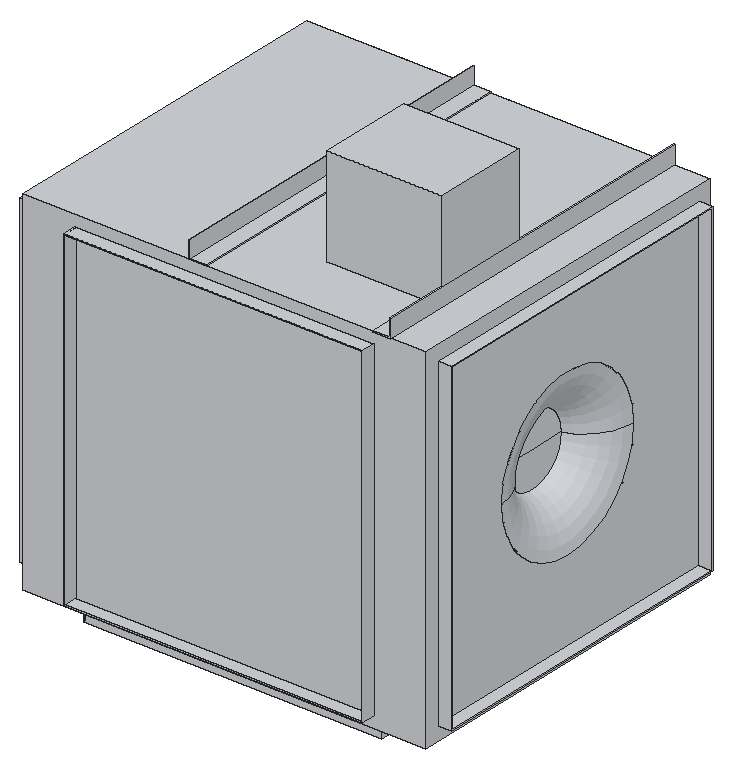
Revit family "SQN-D-SIDE", category Mechanical Equipment, Revit 2016
Family settings
  Part Type = Normal
  Round Connector Dimension = Use Diameter
  Work Plane-Based = No
  Always vertical = Yes
  Cut with Voids When Loaded = No
  Shared = No
  Room Calculation Point = No
Parameters (values of type "365_SQN-D-SIDE-VF2")
  ZERO = 0' - 0"
  Voltage [instance] = 0 V
  Unit Weight [instance] = ""
  URL = "www.lorencook.com"
  Type Comments = ""
  T_SQ_HALF = T_SQ / 2  # 0' - 6"
  T_SQ = 1' - 0"
  TENTH_B = -B_SUB / 10  # -0' - 5.68125"
  TENTHB+FOURTHB = TENTH_B - FOURTH_B  # -1' - 7.88437"
  Static Pressure [instance] = 0.00 in-wg
  Sones [instance] = ""
  SHAFT_RAD = E_SUB / 12  # 0' - 1.22917"
  RAIL_SPACING = B_SUB / 2  # 2' - 4 13/32"
  Power [instance] = Voltage * Motor FLA * sqrt(if(Phase = 3, 3, 1))  # 0 VA
  Phase [instance] = 0
  PM [instance] = yes
  Number of Poles [instance] = 1
  NEG_HALF_D = -HALF_D_SUB  # -2' - 1"
  NEG_HALF2H+D = -(FLANGE + FLANGE + D_SUB) / 2  # -2' - 3"
  NEGHALFC-B = -(C_SUB - B_SUB) / 2  # -0' - 2"
  Motor RPM [instance] = ""
  Motor Hp [instance] = "0"
  Motor FLA [instance] = 0 A
  Motor Enclosure [instance] = ""
  ModelID [instance] = "Centrifugal Square Inline Side Discharge Direct Drive Preprogrammed EC Electronically Commutated Vari-Flow Motor"
  Model = "SQN-D-VF2"
  Manufacturer = "Loren Cook Company"
  MOTOR_DEPTH = -RAIL_SPACING + 0' 0 1/4" - 0' 3"  # -2' - 7 5/32"
  MCC_WIDTH = 1' - 1 1/2"  # constant formula
  MCC_LOC = if((D_SUB - MCC_WIDTH) / 4 < 0' 0", 0' 0", (D_SUB - MCC_WIDTH) / 4)  # 0' - 9 1/8"
  MCC_HEIGHT = 1' - 2"  # constant formula
  MCC_DEPTH_LOC = if((RAIL_SPACING - MCC_DEPTH) / 2 + D_SUB_TENTH < 0' 1", 0' 1", D_SUB_TENTH)  # 0' - 5"
  MCC_DEPTH = 1' - 4 1/4"  # constant formula
  LwA [instance] = ""
  IN_TENTH = INLET_RADIUS - D_SUB_TENTH  # 0' - 7 1/2"
  IN_RAD-D_SUB_TENTH = INLET_RADIUS - D_SUB_TENTH  # 0' - 7 1/2"
  INLET_RADIUS = HALF_D_SUB / 2  # 1' - 0 1/2"
  HALF_MP = (-TENTH_B + FOURTH_B) / 2  # 0' - 9.94219"
  HALF_G = 0' - 11 101/256"
  HALF_F = 0' - 11 1/32"
  HALF_D_SUB_MIN_.25 = D_SUB_MINUS_.25 / 2  # 2' - 0 7/8"
  HALF_D_SUB = D_SUB / 2  # 2' - 1"
  HALF_D-F = (D_SUB - F_SUB) / 2  # 0' - 1 1/2"
  HALF_D-A = (D_SUB - A_SUB) / 2  # 0' - 2"
  HALF_D = D_SUB / 2  # 2' - 1"
  HALF_B-G = (B_SUB - G_SUB) / 2  # 0' - 7 3/8"
  HALF_B = B_SUB / 2  # 2' - 4 13/32"
  HALF_2H+D = (FLANGE + FLANGE + D_SUB) / 2  # 2' - 3"
  HALFC-B = (C_SUB - B_SUB) / 2  # 0' - 2"
  G_SUB = 3' - 6 1/16"
  Fan RPM [instance] = ""
  F_SUB = 3' - 11"
  FOURTH_B = B_SUB / 4  # 1' - 2 13/64"
  FLANGE = 0' - 2"
  E_SUB_DIRECT = 4' - 4 1/2"
  E_SUB = 1' - 2 3/4"
  D_PLUS_2 = D_SUB + 0' 2"  # 4' - 4"
  D_SUB_TENTH = D_SUB / 10  # 0' - 5"
  D_SUB_MINUS_.25 = D_SUB - 0' 0 1/4"  # 4' - 1 3/4"
  D_SUB = 4' - 2"
  DEPTH = B_SUB  # 4' - 8 13/16"
  C_SUB = 5' - 0 13/16"
  CFM [instance] = 0 CFM
  Brake Hp [instance] = ""
  B_SUB_MIN_.125 = B_SUB - 0' 0 1/8"  # 4' - 8 11/16"
  B_SUB = 4' - 8 13/16"
  Accessories [instance] = ""
  A_SUB = 3' - 10"
  1.5 = 0' - 1 1/2"  # constant formula
  ONE EIGTH = 0' - 0 1/8"  # constant formula
Types (47): name | Type Comments | TENTH_B | TENTHB+FOURTHB | SHAFT_RAD | RAIL_SPACING | PM | NEG_HALF_D | NEG_HALF2H+D | NEGHALFC-B | ModelID | Model | MOTOR_DEPTH | MCC_LOC | MCC_DEPTH_LOC | IN_TENTH | IN_RAD-D_SUB_TENTH | INLET_RADIUS | HALF_MP | HALF_D_SUB_MIN_.25 | HALF_D_SUB | HALF_D-F | HALF_D-A | HALF_D | HALF_B-G | HALF_B | HALF_2H+D | HALFC-B | G_SUB | F_SUB | FOURTH_B | FLANGE | E_SUB_DIRECT | E_SUB | D_PLUS_2 | D_SUB_TENTH | D_SUB_MINUS_.25 | D_SUB | DEPTH | C_SUB | B_SUB_MIN_.125 | B_SUB | A_SUB
  (no name) | "" | -0' - 5.68125" | -1' - 7.88437" | 0' - 1.22917" | 2' - 4 13/32" | yes | -2' - 1" | -2' - 3" | -0' - 2" | "Centrifugal Square Inline Side Discharge Direct Drive Preprogrammed EC Electronically Commutated Vari-Flow Motor" | "SQN-D-VF2" | -2' - 7 5/32" | 0' - 9 1/8" | 0' - 5" | 0' - 7 1/2" | 0' - 7 1/2" | 1' - 0 1/2" | 0' - 9.94219" | 2' - 0 7/8" | 2' - 1" | 0' - 1 1/2" | 0' - 2" | 2' - 1" | 0' - 7 3/8" | 2' - 4 13/32" | 2' - 3" | 0' - 2" | 3' - 6 1/16" | 3' - 11" | 1' - 2 13/64" | 0' - 2" | 4' - 4 1/2" | 1' - 2 3/4" | 4' - 4" | 0' - 5" | 4' - 1 3/4" | 4' - 2" | 4' - 8 13/16" | 5' - 0 13/16" | 4' - 8 11/16" | 4' - 8 13/16" | 3' - 10"
  70_SQN-D-SIDE | "Centrifugal Square Inline Side Discharge Direct Drive" | -0' - 1.2" | -0' - 4.2" | 0' - 1.04167" | 0' - 6" | no | -0' - 6" | -0' - 7" | -0' - 1" | "" | "SQN-D" | -0' - 8 3/4" | 0' - 0" | 0' - 1" | 0' - 1.8" | 0' - 1.8" | 0' - 3" | 0' - 2.1" | 0' - 5 7/8" | 0' - 6" | 0' - 2 17/32" | 0' - 1" | 0' - 6" | 0' - 2 15/16" | 0' - 6" | 0' - 7" | 0' - 1" | 0' - 6 1/8" | 0' - 6 15/16" | 0' - 3" | 0' - 1" | 1' - 1 9/16" | 1' - 0 1/2" | 1' - 2" | 0' - 1.2" | 0' - 11 3/4" | 1' - 0" | 1' - 0" | 1' - 2" | 0' - 11 7/8" | 1' - 0" | 0' - 10"
  90_SQN-D-SIDE | "Centrifugal Square Inline Side Discharge Direct Drive" | -0' - 1 1/2" | -0' - 5 1/4" | 0' - 1.04167" | 0' - 7 1/2" | no | -0' - 7" | -0' - 8" | -0' - 1" | "" | "SQN-D" | -0' - 10 1/4" | 0' - 0 1/8" | 0' - 1" | 0' - 2.1" | 0' - 2.1" | 0' - 3 1/2" | 0' - 2 5/8" | 0' - 6 7/8" | 0' - 7" | 0' - 2 17/32" | 0' - 1" | 0' - 7" | 0' - 2 15/16" | 0' - 7 1/2" | 0' - 8" | 0' - 1" | 0' - 9 1/8" | 0' - 8 15/16" | 0' - 3 3/4" | 0' - 1" | 1' - 3 9/16" | 1' - 0 1/2" | 1' - 4" | 0' - 1.4" | 1' - 1 3/4" | 1' - 2" | 1' - 3" | 1' - 5" | 1' - 2 7/8" | 1' - 3" | 1' - 0"
  100_SQN-D-SIDE | "Centrifugal Square Inline Side Discharge Direct Drive" | -0' - 2" | -0' - 7" | 0' - 1.04167" | 0' - 10" | no | -0' - 7" | -0' - 8" | -0' - 1" | "" | "SQN-D" | -1' - 0 3/4" | 0' - 0 1/8" | 0' - 1" | 0' - 2.1" | 0' - 2.1" | 0' - 3 1/2" | 0' - 3 1/2" | 0' - 6 7/8" | 0' - 7" | 0' - 2 17/32" | 0' - 1" | 0' - 7" | 0' - 2 15/16" | 0' - 10" | 0' - 8" | 0' - 1" | 1' - 2 1/8" | 0' - 8 15/16" | 0' - 5" | 0' - 1" | 1' - 3 9/16" | 1' - 0 1/2" | 1' - 4" | 0' - 1.4" | 1' - 1 3/4" | 1' - 2" | 1' - 8" | 1' - 10" | 1' - 7 7/8" | 1' - 8" | 1' - 0"
  120_SQN-D-SIDE | "Centrifugal Square Inline Side Discharge Direct Drive" | -0' - 2" | -0' - 7" | 0' - 1.04167" | 0' - 10" | no | -0' - 9 7/32" | -0' - 10 7/32" | -0' - 1" | "" | "SQN-D" | -1' - 0 3/4" | 0' - 1 15/64" | 0' - 1" | 0' - 2 49/64" | 0' - 2 49/64" | 0' - 4 39/64" | 0' - 3 1/2" | 0' - 9 3/32" | 0' - 9 7/32" | 0' - 2 15/16" | 0' - 1 7/32" | 0' - 9 7/32" | 0' - 2 15/16" | 0' - 10" | 0' - 10 7/32" | 0' - 1" | 1' - 2 1/8" | 1' - 0 9/16" | 0' - 5" | 0' - 1" | 1' - 8" | 1' - 0 1/2" | 1' - 8 7/16" | 0' - 1 27/32" | 1' - 6 3/16" | 1' - 6 7/16" | 1' - 8" | 1' - 10" | 1' - 7 7/8" | 1' - 8" | 1' - 4"
  135_SQN-D-SIDE | "Centrifugal Square Inline Side Discharge Direct Drive" | -0' - 2.025" | -0' - 7.0875" | 0' - 1.04167" | 0' - 10 1/8" | no | -0' - 10 3/8" | -0' - 11 3/8" | -0' - 1" | "" | "SQN-D" | -1' - 0 7/8" | 0' - 1 13/16" | 0' - 1" | 0' - 3.1125" | 0' - 3.1125" | 0' - 5 3/16" | 0' - 3.54375" | 0' - 10 1/4" | 0' - 10 3/8" | 0' - 3 13/16" | 0' - 1 3/8" | 0' - 10 3/8" | 0' - 3" | 0' - 10 1/8" | 0' - 11 3/8" | 0' - 1" | 1' - 2 1/4" | 1' - 1 1/8" | 0' - 5 1/16" | 0' - 1" | 1' - 10 5/16" | 1' - 0 1/2" | 1' - 10 3/4" | 0' - 2.075" | 1' - 8 1/2" | 1' - 8 3/4" | 1' - 8 1/4" | 1' - 10 1/4" | 1' - 8 1/8" | 1' - 8 1/4" | 1' - 6"
  150_SQN-D-SIDE | "Centrifugal Square Inline Side Discharge Direct Drive" | -0' - 2 3/16" | -0' - 7 21/32" | 0' - 1 1/16" | 0' - 10 15/16" | no | -0' - 11 1/2" | -1' - 0 1/2" | -0' - 1" | "" | "SQN-D" | -1' - 1 11/16" | 0' - 2 3/8" | 0' - 1" | 0' - 3.45" | 0' - 3.45" | 0' - 5 3/4" | 0' - 3 53/64" | 0' - 11 3/8" | 0' - 11 1/2" | 0' - 3 7/16" | 0' - 1 1/2" | 0' - 11 1/2" | 0' - 2 31/32" | 0' - 10 15/16" | 1' - 0 1/2" | 0' - 1" | 1' - 3 15/16" | 1' - 4 1/8" | 0' - 5 15/32" | 0' - 1" | 2' - 1 1/16" | 1' - 0 3/4" | 2' - 1" | 0' - 2.3" | 1' - 10 3/4" | 1' - 11" | 1' - 9 7/8" | 1' - 11 7/8" | 1' - 9 3/4" | 1' - 9 7/8" | 1' - 8"
  165_SQN-D-SIDE | "Centrifugal Square Inline Side Discharge Direct Drive" | -0' - 2 1/2" | -0' - 8 3/4" | 0' - 1.22917" | 1' - 0 1/2" | no | -1' - 0 21/32" | -1' - 1 21/32" | -0' - 1" | "" | "SQN-D" | -1' - 3 1/4" | 0' - 2 61/64" | 0' - 1" | 0' - 3 51/64" | 0' - 3 51/64" | 0' - 6 21/64" | 0' - 4 3/8" | 1' - 0 17/32" | 1' - 0 21/32" | 0' - 3 19/32" | 0' - 1 21/32" | 1' - 0 21/32" | 0' - 2 15/16" | 1' - 0 1/2" | 1' - 1 21/32" | 0' - 1" | 1' - 7 1/8" | 1' - 6 1/8" | 0' - 6 1/4" | 0' - 1" | 2' - 3 3/8" | 1' - 2 3/4" | 2' - 3 5/16" | 0' - 2 17/32" | 2' - 1 1/16" | 2' - 1 5/16" | 2' - 1" | 2' - 3" | 2' - 0 7/8" | 2' - 1" | 1' - 10"
  365_SQN-D-SIDE | "Centrifugal Square Inline Side Discharge Direct Drive" | -0' - 5.68125" | -1' - 7.88437" | 0' - 1.22917" | 2' - 4 13/32" | no | -2' - 1" | -2' - 3" | -0' - 2" | "" | "SQN-D" | -2' - 7 5/32" | 0' - 9 1/8" | 0' - 5" | 0' - 7 1/2" | 0' - 7 1/2" | 1' - 0 1/2" | 0' - 9.94219" | 2' - 0 7/8" | 2' - 1" | 0' - 1 1/2" | 0' - 2" | 2' - 1" | 0' - 7 3/8" | 2' - 4 13/32" | 2' - 3" | 0' - 2" | 3' - 6 1/16" | 3' - 11" | 1' - 2 13/64" | 0' - 2" | 4' - 4 1/2" | 1' - 2 3/4" | 4' - 4" | 0' - 5" | 4' - 1 3/4" | 4' - 2" | 4' - 8 13/16" | 5' - 0 13/16" | 4' - 8 11/16" | 4' - 8 13/16" | 3' - 10"
  330_SQN-D-SIDE | "Centrifugal Square Inline Side Discharge Direct Drive" | -0' - 5.1" | -1' - 5.85" | 0' - 1.22917" | 2' - 1 1/2" | no | -2' - 0 7/32" | -2' - 2 7/32" | -0' - 2" | "" | "SQN-D" | -2' - 4 1/4" | 0' - 8 47/64" | 0' - 4 27/32" | 0' - 7 17/64" | 0' - 7 17/64" | 1' - 0 7/64" | 0' - 8.925" | 2' - 0 3/32" | 2' - 0 7/32" | 0' - 3 11/16" | 0' - 2 7/32" | 2' - 0 7/32" | 0' - 5 7/16" | 2' - 1 1/2" | 2' - 2 7/32" | 0' - 2" | 3' - 4 1/8" | 3' - 5 1/16" | 1' - 0 3/4" | 0' - 2" | 4' - 2 15/16" | 1' - 2 3/4" | 4' - 2 7/16" | 0' - 4 27/32" | 4' - 0 3/16" | 4' - 0 7/16" | 4' - 3" | 4' - 7" | 4' - 2 7/8" | 4' - 3" | 3' - 8"
  300_SQN-D-SIDE | "Centrifugal Square Inline Side Discharge Direct Drive" | -0' - 4.6" | -1' - 4.1" | 0' - 1.22917" | 1' - 11" | no | -1' - 10" | -2' - 0" | -0' - 2" | "" | "SQN-D" | -2' - 1 3/4" | 0' - 7 5/8" | 0' - 4.4" | 0' - 6.6" | 0' - 6.6" | 0' - 11" | 0' - 8.05" | 1' - 9 7/8" | 1' - 10" | 0' - 2 15/16" | 0' - 2" | 1' - 10" | 0' - 4 15/16" | 1' - 11" | 2' - 0" | 0' - 2" | 3' - 0 1/8" | 3' - 2 1/8" | 0' - 11 1/2" | 0' - 2" | 3' - 10 1/2" | 1' - 2 3/4" | 3' - 10" | 0' - 4.4" | 3' - 7 3/4" | 3' - 8" | 3' - 10" | 4' - 2" | 3' - 9 7/8" | 3' - 10" | 3' - 4"
  270_SQN-D-SIDE | "Centrifugal Square Inline Side Discharge Direct Drive" | -0' - 4.1" | -1' - 2.35" | 0' - 1.22917" | 1' - 8 1/2" | no | -1' - 7 27/32" | -1' - 9 27/32" | -0' - 2" | "" | "SQN-D" | -1' - 11 1/4" | 0' - 6 35/64" | 0' - 3 31/32" | 0' - 5 61/64" | 0' - 5 61/64" | 0' - 9 59/64" | 0' - 7.175" | 1' - 7 23/32" | 1' - 7 27/32" | 0' - 3 1/4" | 0' - 1 21/32" | 1' - 7 27/32" | 0' - 4 1/4" | 1' - 8 1/2" | 1' - 9 27/32" | 0' - 2" | 2' - 8 1/2" | 2' - 9 3/16" | 0' - 10 1/4" | 0' - 2" | 3' - 6 3/16" | 1' - 2 3/4" | 3' - 5 11/16" | 0' - 3 31/32" | 3' - 3 7/16" | 3' - 3 11/16" | 3' - 5" | 3' - 9" | 3' - 4 7/8" | 3' - 5" | 3' - 0 3/8"
  245_SQN-D-SIDE | "Centrifugal Square Inline Side Discharge Direct Drive" | -0' - 3.66875" | -1' - 0.84062" | 0' - 1.22917" | 1' - 6 11/32" | no | -1' - 6" | -1' - 8" | -0' - 2 1/16" | "" | "SQN-D" | -1' - 9 3/32" | 0' - 5 5/8" | 0' - 3.6" | 0' - 5.4" | 0' - 5.4" | 0' - 9" | 0' - 6.42031" | 1' - 5 7/8" | 1' - 6" | 0' - 3 9/16" | 0' - 1 1/2" | 1' - 6" | 0' - 3 25/32" | 1' - 6 11/32" | 1' - 8" | 0' - 2 1/16" | 2' - 5 1/8" | 2' - 4 7/8" | 0' - 9 11/64" | 0' - 2" | 3' - 2 1/2" | 1' - 2 3/4" | 3' - 2" | 0' - 3.6" | 2' - 11 3/4" | 3' - 0" | 3' - 0 11/16" | 3' - 4 13/16" | 3' - 0 9/16" | 3' - 0 11/16" | 2' - 9"
  225_SQN-D-SIDE | "Centrifugal Square Inline Side Discharge Direct Drive" | -0' - 3.425" | -0' - 11.9875" | 0' - 1.22917" | 1' - 5 1/8" | no | -1' - 4 3/4" | -1' - 6 3/4" | -0' - 1 1/2" | "" | "SQN-D" | -1' - 7 7/8" | 0' - 5" | 0' - 3.35" | 0' - 5.025" | 0' - 5.025" | 0' - 8 3/8" | 0' - 5.99375" | 1' - 4 5/8" | 1' - 4 3/4" | 0' - 3 3/8" | 0' - 1 3/4" | 1' - 4 3/4" | 0' - 4 1/16" | 1' - 5 1/8" | 1' - 6 3/4" | 0' - 1 1/2" | 2' - 2 1/8" | 2' - 2 3/4" | 0' - 8 9/16" | 0' - 2" | 3' - 0" | 1' - 2 3/4" | 2' - 11 1/2" | 0' - 3.35" | 2' - 9 1/4" | 2' - 9 1/2" | 2' - 10 1/4" | 3' - 1 1/4" | 2' - 10 1/8" | 2' - 10 1/4" | 2' - 6"
  210_SQN-D-SIDE | "Centrifugal Square Inline Side Discharge Direct Drive" | -0' - 3.2" | -0' - 11.2" | 0' - 1.22917" | 1' - 4" | no | -1' - 3 5/8" | -1' - 5 5/8" | -0' - 1 1/2" | "" | "SQN-D" | -1' - 6 3/4" | 0' - 4 7/16" | 0' - 3 1/8" | 0' - 4 11/16" | 0' - 4 11/16" | 0' - 7 13/16" | 0' - 5.6" | 1' - 3 1/2" | 1' - 3 5/8" | 0' - 3 3/8" | 0' - 1 5/8" | 1' - 3 5/8" | 0' - 3 15/16" | 1' - 4" | 1' - 5 5/8" | 0' - 1 1/2" | 2' - 0 1/8" | 2' - 0 1/2" | 0' - 8" | 0' - 2" | 2' - 9 3/4" | 1' - 2 3/4" | 2' - 9 1/4" | 0' - 3 1/8" | 2' - 7" | 2' - 7 1/4" | 2' - 8" | 2' - 11" | 2' - 7 7/8" | 2' - 8" | 2' - 4"
  195_SQN-D-SIDE | "Centrifugal Square Inline Side Discharge Direct Drive" | -0' - 3.025" | -0' - 10.5875" | 0' - 1.22917" | 1' - 3 1/8" | no | -1' - 2 31/32" | -1' - 3 31/32" | -0' - 1" | "" | "SQN-D" | -1' - 5 7/8" | 0' - 4 7/64" | 0' - 2.99375" | 0' - 4.49062" | 0' - 4.49062" | 0' - 7 31/64" | 0' - 5.29375" | 1' - 2 27/32" | 1' - 2 31/32" | 0' - 3 11/32" | 0' - 1 31/32" | 1' - 2 31/32" | 0' - 4 1/16" | 1' - 3 1/8" | 1' - 3 31/32" | 0' - 1" | 1' - 10 1/8" | 1' - 11 1/4" | 0' - 7 9/16" | 0' - 1" | 2' - 8 7/16" | 1' - 2 3/4" | 2' - 7 15/16" | 0' - 2.99375" | 2' - 5 11/16" | 2' - 5 15/16" | 2' - 6 1/4" | 2' - 8 1/4" | 2' - 6 1/8" | 2' - 6 1/4" | 2' - 2"
  180_SQN-D-SIDE | "Centrifugal Square Inline Side Discharge Direct Drive" | -0' - 2.8" | -0' - 9.8" | 0' - 1.22917" | 1' - 2" | no | -1' - 1 13/16" | -1' - 2 13/16" | -0' - 1" | "" | "SQN-D" | -1' - 4 3/4" | 0' - 3 17/32" | 0' - 2.7625" | 0' - 4.14375" | 0' - 4.14375" | 0' - 6 29/32" | 0' - 4.9" | 1' - 1 11/16" | 1' - 1 13/16" | 0' - 3 5/16" | 0' - 1 13/16" | 1' - 1 13/16" | 0' - 3 15/16" | 1' - 2" | 1' - 2 13/16" | 0' - 1" | 1' - 8 1/8" | 1' - 9" | 0' - 7" | 0' - 1" | 2' - 6 1/8" | 1' - 2 3/4" | 2' - 5 5/8" | 0' - 2.7625" | 2' - 3 3/8" | 2' - 3 5/8" | 2' - 4" | 2' - 6" | 2' - 3 7/8" | 2' - 4" | 2' - 0"
  70_SQN-D-SIDE-VF | "Centrifugal Square Inline Side Discharge Direct Drive Preprogrammed EC Electronically Commutated Vari-Flow Motor" | -0' - 1.2" | -0' - 4.2" | 0' - 1.04167" | 0' - 6" | no | -0' - 6" | -0' - 7" | -0' - 1" | "" | "SQN-D-VF" | -0' - 8 3/4" | 0' - 0" | 0' - 1" | 0' - 1.8" | 0' - 1.8" | 0' - 3" | 0' - 2.1" | 0' - 5 7/8" | 0' - 6" | 0' - 2 17/32" | 0' - 1" | 0' - 6" | 0' - 2 15/16" | 0' - 6" | 0' - 7" | 0' - 1" | 0' - 6 1/8" | 0' - 6 15/16" | 0' - 3" | 0' - 1" | 1' - 1 9/16" | 1' - 0 1/2" | 1' - 2" | 0' - 1.2" | 0' - 11 3/4" | 1' - 0" | 1' - 0" | 1' - 2" | 0' - 11 7/8" | 1' - 0" | 0' - 10"
  90_SQN-D-SIDE-VF | "Centrifugal Square Inline Side Discharge Direct Drive Preprogrammed EC Electronically Commutated Vari-Flow Motor" | -0' - 1 1/2" | -0' - 5 1/4" | 0' - 1.04167" | 0' - 7 1/2" | no | -0' - 7" | -0' - 8" | -0' - 1" | "" | "SQN-D-VF" | -0' - 10 1/4" | 0' - 0 1/8" | 0' - 1" | 0' - 2.1" | 0' - 2.1" | 0' - 3 1/2" | 0' - 2 5/8" | 0' - 6 7/8" | 0' - 7" | 0' - 2 17/32" | 0' - 1" | 0' - 7" | 0' - 2 15/16" | 0' - 7 1/2" | 0' - 8" | 0' - 1" | 0' - 9 1/8" | 0' - 8 15/16" | 0' - 3 3/4" | 0' - 1" | 1' - 3 9/16" | 1' - 0 1/2" | 1' - 4" | 0' - 1.4" | 1' - 1 3/4" | 1' - 2" | 1' - 3" | 1' - 5" | 1' - 2 7/8" | 1' - 3" | 1' - 0"
  100_SQN-D-SIDE-VF | "Centrifugal Square Inline Side Discharge Direct Drive Preprogrammed EC Electronically Commutated Vari-Flow Motor" | -0' - 2" | -0' - 7" | 0' - 1.04167" | 0' - 10" | no | -0' - 7" | -0' - 8" | -0' - 1" | "" | "SQN-D-VF" | -1' - 0 3/4" | 0' - 0 1/8" | 0' - 1" | 0' - 2.1" | 0' - 2.1" | 0' - 3 1/2" | 0' - 3 1/2" | 0' - 6 7/8" | 0' - 7" | 0' - 2 17/32" | 0' - 1" | 0' - 7" | 0' - 2 15/16" | 0' - 10" | 0' - 8" | 0' - 1" | 1' - 2 1/8" | 0' - 8 15/16" | 0' - 5" | 0' - 1" | 1' - 3 9/16" | 1' - 0 1/2" | 1' - 4" | 0' - 1.4" | 1' - 1 3/4" | 1' - 2" | 1' - 8" | 1' - 10" | 1' - 7 7/8" | 1' - 8" | 1' - 0"
  120_SQN-D-SIDE-VF | "Centrifugal Square Inline Side Discharge Direct Drive Preprogrammed EC Electronically Commutated Vari-Flow Motor" | -0' - 2" | -0' - 7" | 0' - 1.04167" | 0' - 10" | no | -0' - 9 7/32" | -0' - 10 7/32" | -0' - 1" | "" | "SQN-D-VF" | -1' - 0 3/4" | 0' - 1 15/64" | 0' - 1" | 0' - 2 49/64" | 0' - 2 49/64" | 0' - 4 39/64" | 0' - 3 1/2" | 0' - 9 3/32" | 0' - 9 7/32" | 0' - 2 15/16" | 0' - 1 7/32" | 0' - 9 7/32" | 0' - 2 15/16" | 0' - 10" | 0' - 10 7/32" | 0' - 1" | 1' - 2 1/8" | 1' - 0 9/16" | 0' - 5" | 0' - 1" | 1' - 8" | 1' - 0 1/2" | 1' - 8 7/16" | 0' - 1 27/32" | 1' - 6 3/16" | 1' - 6 7/16" | 1' - 8" | 1' - 10" | 1' - 7 7/8" | 1' - 8" | 1' - 4"
  135_SQN-D-SIDE-VF | "Centrifugal Square Inline Side Discharge Direct Drive Preprogrammed EC Electronically Commutated Vari-Flow Motor" | -0' - 2.025" | -0' - 7.0875" | 0' - 1.04167" | 0' - 10 1/8" | no | -0' - 10 3/8" | -0' - 11 3/8" | -0' - 1" | "" | "SQN-D-VF" | -1' - 0 7/8" | 0' - 1 13/16" | 0' - 1" | 0' - 3.1125" | 0' - 3.1125" | 0' - 5 3/16" | 0' - 3.54375" | 0' - 10 1/4" | 0' - 10 3/8" | 0' - 3 13/16" | 0' - 1 3/8" | 0' - 10 3/8" | 0' - 3" | 0' - 10 1/8" | 0' - 11 3/8" | 0' - 1" | 1' - 2 1/4" | 1' - 1 1/8" | 0' - 5 1/16" | 0' - 1" | 1' - 10 5/16" | 1' - 0 1/2" | 1' - 10 3/4" | 0' - 2.075" | 1' - 8 1/2" | 1' - 8 3/4" | 1' - 8 1/4" | 1' - 10 1/4" | 1' - 8 1/8" | 1' - 8 1/4" | 1' - 6"
  150_SQN-D-SIDE-VF | "Centrifugal Square Inline Side Discharge Direct Drive Preprogrammed EC Electronically Commutated Vari-Flow Motor" | -0' - 2 3/16" | -0' - 7 21/32" | 0' - 1 1/16" | 0' - 10 15/16" | no | -0' - 11 1/2" | -1' - 0 1/2" | -0' - 1" | "" | "SQN-D-VF" | -1' - 1 11/16" | 0' - 2 3/8" | 0' - 1" | 0' - 3.45" | 0' - 3.45" | 0' - 5 3/4" | 0' - 3 53/64" | 0' - 11 3/8" | 0' - 11 1/2" | 0' - 3 7/16" | 0' - 1 1/2" | 0' - 11 1/2" | 0' - 2 31/32" | 0' - 10 15/16" | 1' - 0 1/2" | 0' - 1" | 1' - 3 15/16" | 1' - 4 1/8" | 0' - 5 15/32" | 0' - 1" | 2' - 1 1/16" | 1' - 0 3/4" | 2' - 1" | 0' - 2.3" | 1' - 10 3/4" | 1' - 11" | 1' - 9 7/8" | 1' - 11 7/8" | 1' - 9 3/4" | 1' - 9 7/8" | 1' - 8"
  165_SQN-D-SIDE-VF | "Centrifugal Square Inline Side Discharge Direct Drive Preprogrammed EC Electronically Commutated Vari-Flow Motor" | -0' - 2 1/2" | -0' - 8 3/4" | 0' - 1.22917" | 1' - 0 1/2" | no | -1' - 0 21/32" | -1' - 1 21/32" | -0' - 1" | "" | "SQN-D-VF" | -1' - 3 1/4" | 0' - 2 61/64" | 0' - 1" | 0' - 3 51/64" | 0' - 3 51/64" | 0' - 6 21/64" | 0' - 4 3/8" | 1' - 0 17/32" | 1' - 0 21/32" | 0' - 3 19/32" | 0' - 1 21/32" | 1' - 0 21/32" | 0' - 2 15/16" | 1' - 0 1/2" | 1' - 1 21/32" | 0' - 1" | 1' - 7 1/8" | 1' - 6 1/8" | 0' - 6 1/4" | 0' - 1" | 2' - 3 3/8" | 1' - 2 3/4" | 2' - 3 5/16" | 0' - 2 17/32" | 2' - 1 1/16" | 2' - 1 5/16" | 2' - 1" | 2' - 3" | 2' - 0 7/8" | 2' - 1" | 1' - 10"
  180_SQN-D-SIDE-VF | "Centrifugal Square Inline Side Discharge Direct Drive Preprogrammed EC Electronically Commutated Vari-Flow Motor" | -0' - 2.8" | -0' - 9.8" | 0' - 1.22917" | 1' - 2" | no | -1' - 1 13/16" | -1' - 2 13/16" | -0' - 1" | "" | "SQN-D-VF" | -1' - 4 3/4" | 0' - 3 17/32" | 0' - 2.7625" | 0' - 4.14375" | 0' - 4.14375" | 0' - 6 29/32" | 0' - 4.9" | 1' - 1 11/16" | 1' - 1 13/16" | 0' - 3 5/16" | 0' - 1 13/16" | 1' - 1 13/16" | 0' - 3 15/16" | 1' - 2" | 1' - 2 13/16" | 0' - 1" | 1' - 8 1/8" | 1' - 9" | 0' - 7" | 0' - 1" | 2' - 6 1/8" | 1' - 2 3/4" | 2' - 5 5/8" | 0' - 2.7625" | 2' - 3 3/8" | 2' - 3 5/8" | 2' - 4" | 2' - 6" | 2' - 3 7/8" | 2' - 4" | 2' - 0"
  195_SQN-D-SIDE-VF | "Centrifugal Square Inline Side Discharge Direct Drive Preprogrammed EC Electronically Commutated Vari-Flow Motor" | -0' - 3.025" | -0' - 10.5875" | 0' - 1.22917" | 1' - 3 1/8" | no | -1' - 2 31/32" | -1' - 3 31/32" | -0' - 1" | "" | "SQN-D-VF" | -1' - 5 7/8" | 0' - 4 7/64" | 0' - 2.99375" | 0' - 4.49062" | 0' - 4.49062" | 0' - 7 31/64" | 0' - 5.29375" | 1' - 2 27/32" | 1' - 2 31/32" | 0' - 3 11/32" | 0' - 1 31/32" | 1' - 2 31/32" | 0' - 4 1/16" | 1' - 3 1/8" | 1' - 3 31/32" | 0' - 1" | 1' - 10 1/8" | 1' - 11 1/4" | 0' - 7 9/16" | 0' - 1" | 2' - 8 7/16" | 1' - 2 3/4" | 2' - 7 15/16" | 0' - 2.99375" | 2' - 5 11/16" | 2' - 5 15/16" | 2' - 6 1/4" | 2' - 8 1/4" | 2' - 6 1/8" | 2' - 6 1/4" | 2' - 2"
  210_SQN-D-SIDE-VF | "Centrifugal Square Inline Side Discharge Direct Drive Preprogrammed EC Electronically Commutated Vari-Flow Motor" | -0' - 3.2" | -0' - 11.2" | 0' - 1.22917" | 1' - 4" | no | -1' - 3 5/8" | -1' - 5 5/8" | -0' - 1 1/2" | "" | "SQN-D-VF" | -1' - 6 3/4" | 0' - 4 7/16" | 0' - 3 1/8" | 0' - 4 11/16" | 0' - 4 11/16" | 0' - 7 13/16" | 0' - 5.6" | 1' - 3 1/2" | 1' - 3 5/8" | 0' - 3 3/8" | 0' - 1 5/8" | 1' - 3 5/8" | 0' - 3 15/16" | 1' - 4" | 1' - 5 5/8" | 0' - 1 1/2" | 2' - 0 1/8" | 2' - 0 1/2" | 0' - 8" | 0' - 2" | 2' - 9 3/4" | 1' - 2 3/4" | 2' - 9 1/4" | 0' - 3 1/8" | 2' - 7" | 2' - 7 1/4" | 2' - 8" | 2' - 11" | 2' - 7 7/8" | 2' - 8" | 2' - 4"
  225_SQN-D-SIDE-VF | "Centrifugal Square Inline Side Discharge Direct Drive Preprogrammed EC Electronically Commutated Vari-Flow Motor" | -0' - 3.425" | -0' - 11.9875" | 0' - 1.22917" | 1' - 5 1/8" | no | -1' - 4 3/4" | -1' - 6 3/4" | -0' - 1 1/2" | "" | "SQN-D-VF" | -1' - 7 7/8" | 0' - 5" | 0' - 3.35" | 0' - 5.025" | 0' - 5.025" | 0' - 8 3/8" | 0' - 5.99375" | 1' - 4 5/8" | 1' - 4 3/4" | 0' - 3 3/8" | 0' - 1 3/4" | 1' - 4 3/4" | 0' - 4 1/16" | 1' - 5 1/8" | 1' - 6 3/4" | 0' - 1 1/2" | 2' - 2 1/8" | 2' - 2 3/4" | 0' - 8 9/16" | 0' - 2" | 3' - 0" | 1' - 2 3/4" | 2' - 11 1/2" | 0' - 3.35" | 2' - 9 1/4" | 2' - 9 1/2" | 2' - 10 1/4" | 3' - 1 1/4" | 2' - 10 1/8" | 2' - 10 1/4" | 2' - 6"
  245_SQN-D-SIDE-VF | "Centrifugal Square Inline Side Discharge Direct Drive Preprogrammed EC Electronically Commutated Vari-Flow Motor" | -0' - 3.66875" | -1' - 0.84062" | 0' - 1.22917" | 1' - 6 11/32" | no | -1' - 6" | -1' - 8" | -0' - 2 1/16" | "" | "SQN-D-VF" | -1' - 9 3/32" | 0' - 5 5/8" | 0' - 3.6" | 0' - 5.4" | 0' - 5.4" | 0' - 9" | 0' - 6.42031" | 1' - 5 7/8" | 1' - 6" | 0' - 3 9/16" | 0' - 1 1/2" | 1' - 6" | 0' - 3 25/32" | 1' - 6 11/32" | 1' - 8" | 0' - 2 1/16" | 2' - 5 1/8" | 2' - 4 7/8" | 0' - 9 11/64" | 0' - 2" | 3' - 2 1/2" | 1' - 2 3/4" | 3' - 2" | 0' - 3.6" | 2' - 11 3/4" | 3' - 0" | 3' - 0 11/16" | 3' - 4 13/16" | 3' - 0 9/16" | 3' - 0 11/16" | 2' - 9"
  270_SQN-D-SIDE-VF | "Centrifugal Square Inline Side Discharge Direct Drive Preprogrammed EC Electronically Commutated Vari-Flow Motor" | -0' - 4.1" | -1' - 2.35" | 0' - 1.22917" | 1' - 8 1/2" | no | -1' - 7 27/32" | -1' - 9 27/32" | -0' - 2" | "" | "SQN-D-VF" | -1' - 11 1/4" | 0' - 6 35/64" | 0' - 3 31/32" | 0' - 5 61/64" | 0' - 5 61/64" | 0' - 9 59/64" | 0' - 7.175" | 1' - 7 23/32" | 1' - 7 27/32" | 0' - 3 1/4" | 0' - 1 21/32" | 1' - 7 27/32" | 0' - 4 1/4" | 1' - 8 1/2" | 1' - 9 27/32" | 0' - 2" | 2' - 8 1/2" | 2' - 9 3/16" | 0' - 10 1/4" | 0' - 2" | 3' - 6 3/16" | 1' - 2 3/4" | 3' - 5 11/16" | 0' - 3 31/32" | 3' - 3 7/16" | 3' - 3 11/16" | 3' - 5" | 3' - 9" | 3' - 4 7/8" | 3' - 5" | 3' - 0 3/8"
  300_SQN-D-SIDE-VF | "Centrifugal Square Inline Side Discharge Direct Drive Preprogrammed EC Electronically Commutated Vari-Flow Motor" | -0' - 4.6" | -1' - 4.1" | 0' - 1.22917" | 1' - 11" | no | -1' - 10" | -2' - 0" | -0' - 2" | "" | "SQN-D-VF" | -2' - 1 3/4" | 0' - 7 5/8" | 0' - 4.4" | 0' - 6.6" | 0' - 6.6" | 0' - 11" | 0' - 8.05" | 1' - 9 7/8" | 1' - 10" | 0' - 2 15/16" | 0' - 2" | 1' - 10" | 0' - 4 15/16" | 1' - 11" | 2' - 0" | 0' - 2" | 3' - 0 1/8" | 3' - 2 1/8" | 0' - 11 1/2" | 0' - 2" | 3' - 10 1/2" | 1' - 2 3/4" | 3' - 10" | 0' - 4.4" | 3' - 7 3/4" | 3' - 8" | 3' - 10" | 4' - 2" | 3' - 9 7/8" | 3' - 10" | 3' - 4"
  330_SQN-D-SIDE-VF | "Centrifugal Square Inline Side Discharge Direct Drive Preprogrammed EC Electronically Commutated Vari-Flow Motor" | -0' - 5.1" | -1' - 5.85" | 0' - 1.22917" | 2' - 1 1/2" | no | -2' - 0 7/32" | -2' - 2 7/32" | -0' - 2" | "" | "SQN-D-VF" | -2' - 4 1/4" | 0' - 8 47/64" | 0' - 4 27/32" | 0' - 7 17/64" | 0' - 7 17/64" | 1' - 0 7/64" | 0' - 8.925" | 2' - 0 3/32" | 2' - 0 7/32" | 0' - 3 11/16" | 0' - 2 7/32" | 2' - 0 7/32" | 0' - 5 7/16" | 2' - 1 1/2" | 2' - 2 7/32" | 0' - 2" | 3' - 4 1/8" | 3' - 5 1/16" | 1' - 0 3/4" | 0' - 2" | 4' - 2 15/16" | 1' - 2 3/4" | 4' - 2 7/16" | 0' - 4 27/32" | 4' - 0 3/16" | 4' - 0 7/16" | 4' - 3" | 4' - 7" | 4' - 2 7/8" | 4' - 3" | 3' - 8"
  365_SQN-D-SIDE-VF | "" | -0' - 5.68125" | -1' - 7.88437" | 0' - 1.22917" | 2' - 4 13/32" | no | -2' - 1" | -2' - 3" | -0' - 2" | "Centrifugal Square Inline Side Discharge Direct Drive Preprogrammed EC Electronically Commutated Vari-Flow Motor" | "SQN-D-VF" | -2' - 7 5/32" | 0' - 9 1/8" | 0' - 5" | 0' - 7 1/2" | 0' - 7 1/2" | 1' - 0 1/2" | 0' - 9.94219" | 2' - 0 7/8" | 2' - 1" | 0' - 1 1/2" | 0' - 2" | 2' - 1" | 0' - 7 3/8" | 2' - 4 13/32" | 2' - 3" | 0' - 2" | 3' - 6 1/16" | 3' - 11" | 1' - 2 13/64" | 0' - 2" | 4' - 4 1/2" | 1' - 2 3/4" | 4' - 4" | 0' - 5" | 4' - 1 3/4" | 4' - 2" | 4' - 8 13/16" | 5' - 0 13/16" | 4' - 8 11/16" | 4' - 8 13/16" | 3' - 10"
  100_SQN-D-SIDE-VF2 | "Centrifugal Square Inline Side Discharge Direct Drive Preprogrammed EC Electronically Commutated Vari-Flow Motor" | -0' - 2" | -0' - 7" | 0' - 1.04167" | 0' - 10" | yes | -0' - 7" | -0' - 8" | -0' - 1" | "" | "SQN-D-VF2" | -1' - 0 3/4" | 0' - 0 1/8" | 0' - 1" | 0' - 2.1" | 0' - 2.1" | 0' - 3 1/2" | 0' - 3 1/2" | 0' - 6 7/8" | 0' - 7" | 0' - 2 17/32" | 0' - 1" | 0' - 7" | 0' - 2 15/16" | 0' - 10" | 0' - 8" | 0' - 1" | 1' - 2 1/8" | 0' - 8 15/16" | 0' - 5" | 0' - 1" | 1' - 3 9/16" | 1' - 0 1/2" | 1' - 4" | 0' - 1.4" | 1' - 1 3/4" | 1' - 2" | 1' - 8" | 1' - 10" | 1' - 7 7/8" | 1' - 8" | 1' - 0"
  120_SQN-D-SIDE-VF2 | "Centrifugal Square Inline Side Discharge Direct Drive Preprogrammed EC Electronically Commutated Vari-Flow Motor" | -0' - 2" | -0' - 7" | 0' - 1.04167" | 0' - 10" | yes | -0' - 9 7/32" | -0' - 10 7/32" | -0' - 1" | "" | "SQN-D-VF2" | -1' - 0 3/4" | 0' - 1 15/64" | 0' - 1" | 0' - 2 49/64" | 0' - 2 49/64" | 0' - 4 39/64" | 0' - 3 1/2" | 0' - 9 3/32" | 0' - 9 7/32" | 0' - 2 15/16" | 0' - 1 7/32" | 0' - 9 7/32" | 0' - 2 15/16" | 0' - 10" | 0' - 10 7/32" | 0' - 1" | 1' - 2 1/8" | 1' - 0 9/16" | 0' - 5" | 0' - 1" | 1' - 8" | 1' - 0 1/2" | 1' - 8 7/16" | 0' - 1 27/32" | 1' - 6 3/16" | 1' - 6 7/16" | 1' - 8" | 1' - 10" | 1' - 7 7/8" | 1' - 8" | 1' - 4"
  135_SQN-D-SIDE-VF2 | "Centrifugal Square Inline Side Discharge Direct Drive Preprogrammed EC Electronically Commutated Vari-Flow Motor" | -0' - 2.025" | -0' - 7.0875" | 0' - 1.04167" | 0' - 10 1/8" | yes | -0' - 10 3/8" | -0' - 11 3/8" | -0' - 1" | "" | "SQN-D-VF2" | -1' - 0 7/8" | 0' - 1 13/16" | 0' - 1" | 0' - 3.1125" | 0' - 3.1125" | 0' - 5 3/16" | 0' - 3.54375" | 0' - 10 1/4" | 0' - 10 3/8" | 0' - 3 13/16" | 0' - 1 3/8" | 0' - 10 3/8" | 0' - 3" | 0' - 10 1/8" | 0' - 11 3/8" | 0' - 1" | 1' - 2 1/4" | 1' - 1 1/8" | 0' - 5 1/16" | 0' - 1" | 1' - 10 5/16" | 1' - 0 1/2" | 1' - 10 3/4" | 0' - 2.075" | 1' - 8 1/2" | 1' - 8 3/4" | 1' - 8 1/4" | 1' - 10 1/4" | 1' - 8 1/8" | 1' - 8 1/4" | 1' - 6"
  150_SQN-D-SIDE-VF2 | "Centrifugal Square Inline Side Discharge Direct Drive Preprogrammed EC Electronically Commutated Vari-Flow Motor" | -0' - 2 3/16" | -0' - 7 21/32" | 0' - 1 1/16" | 0' - 10 15/16" | yes | -0' - 11 1/2" | -1' - 0 1/2" | -0' - 1" | "" | "SQN-D-VF2" | -1' - 1 11/16" | 0' - 2 3/8" | 0' - 1" | 0' - 3.45" | 0' - 3.45" | 0' - 5 3/4" | 0' - 3 53/64" | 0' - 11 3/8" | 0' - 11 1/2" | 0' - 3 7/16" | 0' - 1 1/2" | 0' - 11 1/2" | 0' - 2 31/32" | 0' - 10 15/16" | 1' - 0 1/2" | 0' - 1" | 1' - 3 15/16" | 1' - 4 1/8" | 0' - 5 15/32" | 0' - 1" | 2' - 1 1/16" | 1' - 0 3/4" | 2' - 1" | 0' - 2.3" | 1' - 10 3/4" | 1' - 11" | 1' - 9 7/8" | 1' - 11 7/8" | 1' - 9 3/4" | 1' - 9 7/8" | 1' - 8"
  165_SQN-D-SIDE-VF2 | "Centrifugal Square Inline Side Discharge Direct Drive Preprogrammed EC Electronically Commutated Vari-Flow Motor" | -0' - 2 1/2" | -0' - 8 3/4" | 0' - 1.22917" | 1' - 0 1/2" | yes | -1' - 0 21/32" | -1' - 1 21/32" | -0' - 1" | "" | "SQN-D-VF2" | -1' - 3 1/4" | 0' - 2 61/64" | 0' - 1" | 0' - 3 51/64" | 0' - 3 51/64" | 0' - 6 21/64" | 0' - 4 3/8" | 1' - 0 17/32" | 1' - 0 21/32" | 0' - 3 19/32" | 0' - 1 21/32" | 1' - 0 21/32" | 0' - 2 15/16" | 1' - 0 1/2" | 1' - 1 21/32" | 0' - 1" | 1' - 7 1/8" | 1' - 6 1/8" | 0' - 6 1/4" | 0' - 1" | 2' - 3 3/8" | 1' - 2 3/4" | 2' - 3 5/16" | 0' - 2 17/32" | 2' - 1 1/16" | 2' - 1 5/16" | 2' - 1" | 2' - 3" | 2' - 0 7/8" | 2' - 1" | 1' - 10"
  180_SQN-D-SIDE-VF2 | "Centrifugal Square Inline Side Discharge Direct Drive Preprogrammed EC Electronically Commutated Vari-Flow Motor" | -0' - 2.8" | -0' - 9.8" | 0' - 1.22917" | 1' - 2" | yes | -1' - 1 13/16" | -1' - 2 13/16" | -0' - 1" | "" | "SQN-D-VF2" | -1' - 4 3/4" | 0' - 3 17/32" | 0' - 2.7625" | 0' - 4.14375" | 0' - 4.14375" | 0' - 6 29/32" | 0' - 4.9" | 1' - 1 11/16" | 1' - 1 13/16" | 0' - 3 5/16" | 0' - 1 13/16" | 1' - 1 13/16" | 0' - 3 15/16" | 1' - 2" | 1' - 2 13/16" | 0' - 1" | 1' - 8 1/8" | 1' - 9" | 0' - 7" | 0' - 1" | 2' - 6 1/8" | 1' - 2 3/4" | 2' - 5 5/8" | 0' - 2.7625" | 2' - 3 3/8" | 2' - 3 5/8" | 2' - 4" | 2' - 6" | 2' - 3 7/8" | 2' - 4" | 2' - 0"
  195_SQN-D-SIDE-VF2 | "Centrifugal Square Inline Side Discharge Direct Drive Preprogrammed EC Electronically Commutated Vari-Flow Motor" | -0' - 3.025" | -0' - 10.5875" | 0' - 1.22917" | 1' - 3 1/8" | yes | -1' - 2 31/32" | -1' - 3 31/32" | -0' - 1" | "" | "SQN-D-VF2" | -1' - 5 7/8" | 0' - 4 7/64" | 0' - 2.99375" | 0' - 4.49062" | 0' - 4.49062" | 0' - 7 31/64" | 0' - 5.29375" | 1' - 2 27/32" | 1' - 2 31/32" | 0' - 3 11/32" | 0' - 1 31/32" | 1' - 2 31/32" | 0' - 4 1/16" | 1' - 3 1/8" | 1' - 3 31/32" | 0' - 1" | 1' - 10 1/8" | 1' - 11 1/4" | 0' - 7 9/16" | 0' - 1" | 2' - 8 7/16" | 1' - 2 3/4" | 2' - 7 15/16" | 0' - 2.99375" | 2' - 5 11/16" | 2' - 5 15/16" | 2' - 6 1/4" | 2' - 8 1/4" | 2' - 6 1/8" | 2' - 6 1/4" | 2' - 2"
  210_SQN-D-SIDE-VF2 | "Centrifugal Square Inline Side Discharge Direct Drive Preprogrammed EC Electronically Commutated Vari-Flow Motor" | -0' - 3.2" | -0' - 11.2" | 0' - 1.22917" | 1' - 4" | yes | -1' - 3 5/8" | -1' - 5 5/8" | -0' - 1 1/2" | "" | "SQN-D-VF2" | -1' - 6 3/4" | 0' - 4 7/16" | 0' - 3 1/8" | 0' - 4 11/16" | 0' - 4 11/16" | 0' - 7 13/16" | 0' - 5.6" | 1' - 3 1/2" | 1' - 3 5/8" | 0' - 3 3/8" | 0' - 1 5/8" | 1' - 3 5/8" | 0' - 3 15/16" | 1' - 4" | 1' - 5 5/8" | 0' - 1 1/2" | 2' - 0 1/8" | 2' - 0 1/2" | 0' - 8" | 0' - 2" | 2' - 9 3/4" | 1' - 2 3/4" | 2' - 9 1/4" | 0' - 3 1/8" | 2' - 7" | 2' - 7 1/4" | 2' - 8" | 2' - 11" | 2' - 7 7/8" | 2' - 8" | 2' - 4"
  225_SQN-D-SIDE-VF2 | "Centrifugal Square Inline Side Discharge Direct Drive Preprogrammed EC Electronically Commutated Vari-Flow Motor" | -0' - 3.425" | -0' - 11.9875" | 0' - 1.22917" | 1' - 5 1/8" | yes | -1' - 4 3/4" | -1' - 6 3/4" | -0' - 1 1/2" | "" | "SQN-D-VF2" | -1' - 7 7/8" | 0' - 5" | 0' - 3.35" | 0' - 5.025" | 0' - 5.025" | 0' - 8 3/8" | 0' - 5.99375" | 1' - 4 5/8" | 1' - 4 3/4" | 0' - 3 3/8" | 0' - 1 3/4" | 1' - 4 3/4" | 0' - 4 1/16" | 1' - 5 1/8" | 1' - 6 3/4" | 0' - 1 1/2" | 2' - 2 1/8" | 2' - 2 3/4" | 0' - 8 9/16" | 0' - 2" | 3' - 0" | 1' - 2 3/4" | 2' - 11 1/2" | 0' - 3.35" | 2' - 9 1/4" | 2' - 9 1/2" | 2' - 10 1/4" | 3' - 1 1/4" | 2' - 10 1/8" | 2' - 10 1/4" | 2' - 6"
  245_SQN-D-SIDE-VF2 | "Centrifugal Square Inline Side Discharge Direct Drive Preprogrammed EC Electronically Commutated Vari-Flow Motor" | -0' - 3.66875" | -1' - 0.84062" | 0' - 1.22917" | 1' - 6 11/32" | yes | -1' - 6" | -1' - 8" | -0' - 2 1/16" | "" | "SQN-D-VF2" | -1' - 9 3/32" | 0' - 5 5/8" | 0' - 3.6" | 0' - 5.4" | 0' - 5.4" | 0' - 9" | 0' - 6.42031" | 1' - 5 7/8" | 1' - 6" | 0' - 3 9/16" | 0' - 1 1/2" | 1' - 6" | 0' - 3 25/32" | 1' - 6 11/32" | 1' - 8" | 0' - 2 1/16" | 2' - 5 1/8" | 2' - 4 7/8" | 0' - 9 11/64" | 0' - 2" | 3' - 2 1/2" | 1' - 2 3/4" | 3' - 2" | 0' - 3.6" | 2' - 11 3/4" | 3' - 0" | 3' - 0 11/16" | 3' - 4 13/16" | 3' - 0 9/16" | 3' - 0 11/16" | 2' - 9"
  270_SQN-D-SIDE-VF2 | "Centrifugal Square Inline Side Discharge Direct Drive Preprogrammed EC Electronically Commutated Vari-Flow Motor" | -0' - 4.1" | -1' - 2.35" | 0' - 1.22917" | 1' - 8 1/2" | yes | -1' - 7 27/32" | -1' - 9 27/32" | -0' - 2" | "" | "SQN-D-VF2" | -1' - 11 1/4" | 0' - 6 35/64" | 0' - 3 31/32" | 0' - 5 61/64" | 0' - 5 61/64" | 0' - 9 59/64" | 0' - 7.175" | 1' - 7 23/32" | 1' - 7 27/32" | 0' - 3 1/4" | 0' - 1 21/32" | 1' - 7 27/32" | 0' - 4 1/4" | 1' - 8 1/2" | 1' - 9 27/32" | 0' - 2" | 2' - 8 1/2" | 2' - 9 3/16" | 0' - 10 1/4" | 0' - 2" | 3' - 6 3/16" | 1' - 2 3/4" | 3' - 5 11/16" | 0' - 3 31/32" | 3' - 3 7/16" | 3' - 3 11/16" | 3' - 5" | 3' - 9" | 3' - 4 7/8" | 3' - 5" | 3' - 0 3/8"
  300_SQN-D-SIDE-VF2 | "Centrifugal Square Inline Side Discharge Direct Drive Preprogrammed EC Electronically Commutated Vari-Flow Motor" | -0' - 4.6" | -1' - 4.1" | 0' - 1.22917" | 1' - 11" | yes | -1' - 10" | -2' - 0" | -0' - 2" | "" | "SQN-D-VF2" | -2' - 1 3/4" | 0' - 7 5/8" | 0' - 4.4" | 0' - 6.6" | 0' - 6.6" | 0' - 11" | 0' - 8.05" | 1' - 9 7/8" | 1' - 10" | 0' - 2 15/16" | 0' - 2" | 1' - 10" | 0' - 4 15/16" | 1' - 11" | 2' - 0" | 0' - 2" | 3' - 0 1/8" | 3' - 2 1/8" | 0' - 11 1/2" | 0' - 2" | 3' - 10 1/2" | 1' - 2 3/4" | 3' - 10" | 0' - 4.4" | 3' - 7 3/4" | 3' - 8" | 3' - 10" | 4' - 2" | 3' - 9 7/8" | 3' - 10" | 3' - 4"
  330_SQN-D-SIDE-VF2 | "Centrifugal Square Inline Side Discharge Direct Drive Preprogrammed EC Electronically Commutated Vari-Flow Motor" | -0' - 5.1" | -1' - 5.85" | 0' - 1.22917" | 2' - 1 1/2" | yes | -2' - 0 7/32" | -2' - 2 7/32" | -0' - 2" | "" | "SQN-D-VF2" | -2' - 4 1/4" | 0' - 8 47/64" | 0' - 4 27/32" | 0' - 7 17/64" | 0' - 7 17/64" | 1' - 0 7/64" | 0' - 8.925" | 2' - 0 3/32" | 2' - 0 7/32" | 0' - 3 11/16" | 0' - 2 7/32" | 2' - 0 7/32" | 0' - 5 7/16" | 2' - 1 1/2" | 2' - 2 7/32" | 0' - 2" | 3' - 4 1/8" | 3' - 5 1/16" | 1' - 0 3/4" | 0' - 2" | 4' - 2 15/16" | 1' - 2 3/4" | 4' - 2 7/16" | 0' - 4 27/32" | 4' - 0 3/16" | 4' - 0 7/16" | 4' - 3" | 4' - 7" | 4' - 2 7/8" | 4' - 3" | 3' - 8"
  365_SQN-D-SIDE-VF2 | "" | -0' - 5.68125" | -1' - 7.88437" | 0' - 1.22917" | 2' - 4 13/32" | yes | -2' - 1" | -2' - 3" | -0' - 2" | "Centrifugal Square Inline Side Discharge Direct Drive Preprogrammed EC Electronically Commutated Vari-Flow Motor" | "SQN-D-VF2" | -2' - 7 5/32" | 0' - 9 1/8" | 0' - 5" | 0' - 7 1/2" | 0' - 7 1/2" | 1' - 0 1/2" | 0' - 9.94219" | 2' - 0 7/8" | 2' - 1" | 0' - 1 1/2" | 0' - 2" | 2' - 1" | 0' - 7 3/8" | 2' - 4 13/32" | 2' - 3" | 0' - 2" | 3' - 6 1/16" | 3' - 11" | 1' - 2 13/64" | 0' - 2" | 4' - 4 1/2" | 1' - 2 3/4" | 4' - 4" | 0' - 5" | 4' - 1 3/4" | 4' - 2" | 4' - 8 13/16" | 5' - 0 13/16" | 4' - 8 11/16" | 4' - 8 13/16" | 3' - 10"
Reference planes (in)
  plane 1 "Center (Front/Back)": y = 0
  plane 2: z = 0
  plane 3 "Center (Left/Right)": x = 0.40541
  plane 4: x = 7.56166
  plane 5: x = 23.81166
  plane 6: y = -15.875
  plane 7: y = -2.375
  plane 8: y = -25
  plane 9: z = 39
  plane 10: z = 25
  plane 11: x = 28.81166
Forms (in)
  Extrusion 1, solid
    sketch origin (0, 0, 0) x (1, 0, 0) y (0, 1, 0)
      loop
        line (-28.00084, 25) -> (-28.00084, -25) -> (28.81166, -25) -> (28.81166, 25) -> (-28.00084, 25)
    from -25 <- "NEG_HALF_D" to 25 <- "HALF_D"
  Revolve 2, void
    sketch origin (0, 0, 0) x (1, 0, 0) y (0, 1, 0)
      loop
        line (28.81166, 14.5) -> (28.81166, 12.5)
        arc (28.81166, 12.5) -> (27.56407, 7.91506) -> (23.81166, 5) r 7.5
        line (23.81166, 5) -> (23.81166, 0) -> (30.82244, 0) -> (30.82244, 14.5) -> (28.81166, 14.5)
      axis (23.81166, 0) -> (30.82244, 0)
    angle from 0 to 360
  Extrusion 3, solid
    sketch origin (0, 0, 0) x (1, 0, 0) y (0, 0, 1)
      loop
        line (23.81166, 27.5) -> (23.68666, 27.5) -> (23.68666, 25.125) -> (21.31166, 25.125) -> (21.31166, 25) -> (23.81166, 25) -> (23.81166, 27.5)
    from 25 <- "HALF_D" to -25 <- "NEG_HALF_D"
  Extrusion 4, solid
    sketch origin (0, 0, 0) x (1, 0, 0) y (0, 0, 1)
      loop
        line (-2.09459, 25) -> (-2.09459, 25.125) -> (-4.46959, 25.125) -> (-4.46959, 27.5) -> (-4.59459, 27.5) -> (-4.59459, 25) -> (-2.09459, 25)
    from 25 <- "HALF_D" to -25 <- "NEG_HALF_D"
  Extrusion 5, solid
    sketch origin (28.81166, 25, 0) x (0, -1, 0) y (0, 0, -1)
      loop
        line (48, -23) -> (48, 23) -> (2, 23) -> (2, -23) -> (48, -23)
      loop
        line (47.875, -22.875) -> (47.875, 22.875) -> (2.125, 22.875) -> (2.125, -22.875) -> (47.875, -22.875)
    from 0 to 2 <- "HALFC-B"
  Extrusion 6, solid
    sketch origin (-28.00084, -25, 0) x (0, 1, 0) y (0, 0, -1)
      loop
        line (48, -23) -> (48, 23) -> (2, 23) -> (2, -23) -> (48, -23)
    from 0 to 2 <- "HALFC-B"
  Extrusion 7, solid
    sketch origin (28.81166, -25, 0) x (-1, 0, 0) y (0, 0, -1)
      loop
        line (49.4375, -23.5) -> (49.4375, 23.5) -> (7.375, 23.5) -> (7.375, -23.5) -> (49.4375, -23.5)
      loop
        line (49.3125, -23.375) -> (49.3125, 23.375) -> (7.5, 23.375) -> (7.5, -23.375) -> (49.3125, -23.375)
    from 0 to 2 <- "FLANGE"
  Extrusion 8, solid
    sketch origin (-28.00084, 25, 0) x (1, 0, 0) y (0, 0, -1)
      loop
        line (49.4375, -23.5) -> (49.4375, 23.5) -> (7.375, 23.5) -> (7.375, -23.5) -> (49.4375, -23.5)
      loop
        line (49.3125, -23.375) -> (49.3125, 23.375) -> (7.5, 23.375) -> (7.5, -23.375) -> (49.3125, -23.375)
    from 0 to 2 <- "FLANGE"
  Extrusion 9, solid
    sketch origin (0, 0, -25) x (0, 1, 0) y (1, 0, 0)
      loop
        line (23.5, 21.43666) -> (-23.5, 21.43666) -> (-23.5, -20.62584) -> (23.5, -20.62584) -> (23.5, 21.43666)
      loop
        line (23.375, 21.31166) -> (-23.375, 21.31166) -> (-23.375, -20.50084) -> (23.375, -20.50084) -> (23.375, 21.31166)
    from 0 to 2 <- "FLANGE"
  Extrusion 10, solid, visible <- "PM"
    sketch origin (13.03041, 9.81169, 48) x (0, 1, 0) y (0, 0, 1)
      loop
        line (-25.68669, -9) -> (-25.68669, -23) -> (-12.18669, -23) -> (-12.18669, -9) -> (-25.68669, -9)
    from -5.46875 to 10.78125
Cuts and joins
  Revolve 2 cuts Extrusion 1
Dimensions and locks (in)
  "B_SUB": Extrusion 1 sketch curve to Extrusion 1 sketch curve
  "D_SUB": Extrusion 1 sketch curve to Extrusion 1 sketch curve
  "HALF_B": plane 3 "Center (Left/Right)" to Extrusion 1 sketch curve
  "HALF_D": plane 1 "Center (Front/Back)" to Extrusion 1 sketch curve
  "INLET_RADIUS": plane 1 "Center (Front/Back)" to Revolve 2 sketch curve
  Revolve 2 sketch curve to Revolve 2 sketch curve = 0' - 2"
  "D_SUB_TENTH": plane 1 "Center (Front/Back)" to Revolve 2 sketch curve
  "D_SUB_TENTH": Revolve 2 sketch curve to Extrusion 1
  "ZERO": Revolve 2 sketch curve to plane 1 "Center (Front/Back)"  (x2)
  Extrusion 1 to Revolve 2 sketch curve = 0' - 2.01078"
  "ZERO": Revolve 2 sketch curve to cut or joined group of Extrusion 1, Revolve 2
  "E_SUB_DIRECT": Extrusion 3 sketch curve to cut or joined group of Extrusion 1, Revolve 2
  "ZERO": cut or joined group of Extrusion 1, Revolve 2 to Extrusion 3 sketch curve
  Extrusion 3 sketch curve to Extrusion 3 sketch curve = 0' - 2 1/2"
  "D_SUB_TENTH": Extrusion 3 sketch curve to cut or joined group of Extrusion 1, Revolve 2
  "ONE EIGTH": Extrusion 3 sketch curve to Extrusion 3 sketch curve
  "ONE EIGTH": Extrusion 3 sketch curve to cut or joined group of Extrusion 1, Revolve 2
  "RAIL_SPACING": Extrusion 3 to Extrusion 4 sketch curve
  "ZERO": Extrusion 4 sketch curve to Extrusion 3
  "ONE EIGTH": Extrusion 4 sketch curve to cut or joined group of Extrusion 1, Revolve 2
  "ONE EIGTH": Extrusion 4 sketch curve to Extrusion 4 sketch curve
  Extrusion 4 sketch curve to Extrusion 4 sketch curve = 0' - 2 1/2"
  "ZERO": cut or joined group of Extrusion 1, Revolve 2 to Extrusion 4 sketch curve
  "HALF_D-A": cut or joined group of Extrusion 1, Revolve 2 to Extrusion 5 sketch curve  (x3)
  "HALF_D-A": Extrusion 5 sketch curve to cut or joined group of Extrusion 1, Revolve 2
  "ONE EIGTH": Extrusion 5 sketch curve to Extrusion 5 sketch curve  (x4)
  "HALF_D-A": cut or joined group of Extrusion 1, Revolve 2 to Extrusion 6 sketch curve
  "HALF_D-A": Extrusion 6 sketch curve to cut or joined group of Extrusion 1, Revolve 2  (x3)
  "G_SUB": Extrusion 7 sketch curve to Extrusion 7 sketch curve
  "F_SUB": Extrusion 7 sketch curve to Extrusion 7 sketch curve
  "HALF_B-G": Extrusion 7 sketch curve to cut or joined group of Extrusion 1, Revolve 2
  "HALF_D-F": cut or joined group of Extrusion 1, Revolve 2 to Extrusion 7 sketch curve
  "ONE EIGTH": Extrusion 7 sketch curve to Extrusion 7 sketch curve  (x4)
  "ZERO": Extrusion 7 to Extrusion 8 sketch curve  (x4)
  "ZERO": Extrusion 8 sketch curve to Extrusion 7  (x4)
  "G_SUB": Extrusion 9 sketch curve to Extrusion 9 sketch curve
  "F_SUB": Extrusion 9 sketch curve to Extrusion 9 sketch curve
  "HALF_B-G": cut or joined group of Extrusion 1, Revolve 2 to Extrusion 9 sketch curve
  "HALF_D-F": Extrusion 9 sketch curve to cut or joined group of Extrusion 1, Revolve 2
  "ONE EIGTH": Extrusion 9 sketch curve to Extrusion 9 sketch curve  (x4)
  "MCC_DEPTH": plane 5 to plane 4
  "MCC_WIDTH": plane 6 to plane 7
  "MCC_LOC": plane 8 to plane 6
  "HALF_D": plane 8 to plane 1 "Center (Front/Back)"
  "HALF_D": plane 10 to level
  "MCC_HEIGHT": plane 9 to plane 10
  "MCC_DEPTH_LOC": plane 11 to plane 5
  "HALF_B": plane 11 to plane 3 "Center (Left/Right)"
  "IN_RAD-D_SUB_TENTH": radius of Revolve 2 sketch curve
  aligned and locked: Extrusion 10 sketch curve to plane 6
  aligned and locked: Extrusion 10 sketch curve to plane 10
  aligned and locked: Extrusion 10 sketch curve to plane 9
  aligned and locked: Extrusion 10 sketch curve to plane 7
  aligned and locked: plane 5 to Extrusion 10
  aligned and locked: Extrusion 10 to plane 4
Automatic sketch dimensions
  Revolve 2 sketch curve to plane 3 "Center (Left/Right)" = 0' - 0"
  Revolve 2 sketch curve to Revolve 2 sketch curve = 0' - 3.98922"
Connectors (in)
  hvac at (30.81166, 0, 0), driven by "A_SUB", driven by "A_SUB"
    settings: on Extrusion 5, index 2, duct flow 0 CFM, flow factor 0, pres drop 0.00 in-wg, loss coef 0, conn angle 0.00°, conn width 46", conn height 46", conn diameter 24", duct sys type 29, conn prof type 1, flow config 0, flow direction 1, loss method 0, conn ref index -1, conn util no, is conn primary yes, conn desc ""
  hvac at (0.40541, 27, 0), driven by "F_SUB", driven by "G_SUB"
    settings: on Extrusion 8, index 4, duct flow 0 CFM, flow factor 0, pres drop 0.00 in-wg, loss coef 0, conn angle 0.00°, conn width 42 1/16", conn height 47", conn diameter 24", duct sys type 29, conn prof type 1, flow config 0, flow direction 2, loss method 0, conn ref index -1, conn util no, is conn primary no, conn desc ""
  hvac at (0.40541, 0, -27), driven by "G_SUB", driven by "F_SUB"
    settings: on Extrusion 9, index 5, duct flow 0 CFM, flow factor 0, pres drop 0.00 in-wg, loss coef 0, conn angle 0.00°, conn width 47", conn height 42 1/16", conn diameter 24", duct sys type 29, conn prof type 1, flow config 0, flow direction 2, loss method 0, conn ref index -1, conn util no, is conn primary no, conn desc ""
  hvac at (0.40541, -27, 0), driven by "G_SUB", driven by "F_SUB"
    settings: on Extrusion 7, index 6, duct flow 0 CFM, flow factor 0, pres drop 0.00 in-wg, loss coef 0, conn angle 0.00°, conn width 42 1/16", conn height 47", conn diameter 24", duct sys type 29, conn prof type 1, flow config 0, flow direction 2, loss method 0, conn ref index -1, conn util no, is conn primary no, conn desc ""
  electrical at (-3.28209, 0, 25.125)
    settings: on Extrusion 4, index 7, voltage 0 V, apparent load 0 VA, apparent load phase1 0 VA, apparent load phase2 0 VA, apparent load phase3 0 VA, power factor 1, load classification "Other", number of poles 1, system type 30, power factor state 1, is connector primary yes, connector utility no, sub classification motor no, connector description ""
